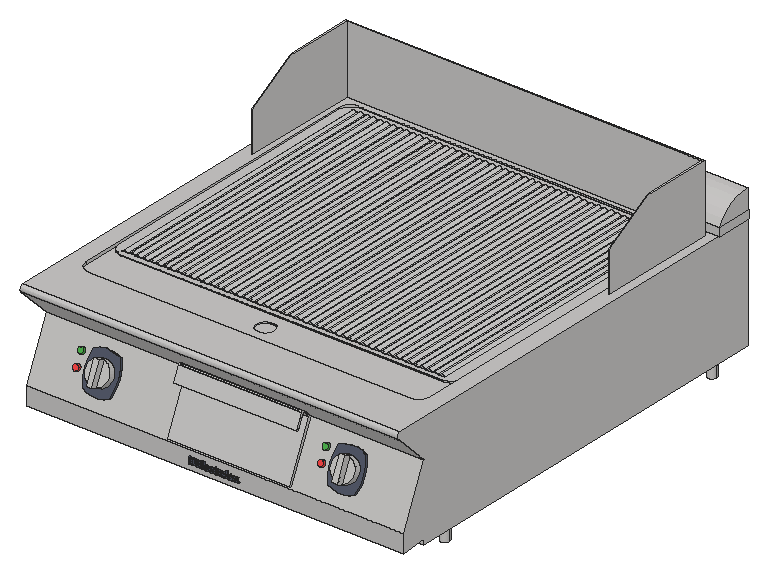
Revit family "QF_ELECTROLUXPROFESSIONAL_391408_E9IILDAOMEA", category Specialty Equipment, Revit 2018
Family settings
  Round Connector Dimension = Use Diameter
  Part Type = Normal
  Work Plane-Based = No
  Always vertical = Yes
  Cut with Voids When Loaded = No
  Shared = No
  Room Calculation Point = No
Parameters
  Weight = 105.00 kg
  Watts = 0 W
  Volts = 0 V
  URL Manufacturer = ""
  URL = ""
  Steam Supply Size = 0"
  Steam Supply Minimum Pressure = 0.00 psi
  Steam Supply Maximum Pressure = 0.00 psi
  Steam Pounds per Hour = 0
  Show Logo [instance] = yes
  Show Clearance [instance] = yes
  Refrigeration Suction Line Size = 0"
  Refrigeration Liquid Line Size = 0"
  Refrigerant Compressor Remote = yes
  Phase = 0
  Model = ""
  Manufacturer = ""
  Length Actual = 800 mm  # constant formula
  Item Number = ""
  Hot Water Size = 0"
  Height Actual = 250 mm  # constant formula
  HP = "20.1 HP"
  Gas Size = 0"
  Gas KW = 0
  Gas Input Pressure = 0.0 Btu/h
  Direct Waste Size = 0"
  Description = ""
  Depth Actual = 930 mm  # constant formula
  Cycle = 0 Hz
  Condensate Return Size = 0"
  Compressed Air Volume = 0 GPM
  Compressed Air Size = 0"
  Compressed Air Pressure = 0.00 psi
  Cold Water Size = 0"
  Accessory = yes
Reference planes
  plane 1 "BACK": y = 0
  plane 2: z = 0
  plane 3 "LEFT": x = 0
  plane 4 "RIGHT": x = 800.1
  plane 5 "FRONT": y = -930
  plane 6 "TOP": z = 900
  plane 7 "Center Y": x = 400.05
  plane 8 "Center X": y = -465
  plane 9: y = -1045
  plane 10: y = -824
  plane 11: y = -738
  plane 12: y = -584
  plane 13: x = 740.1
Forms (mm)
  Extrusion 1, solid, material "QF_Finishes_Clearance", visible <- "Show Clearance", detail levels coarse
    sketch origin (0, 0, 634) x (1, 0, 0) y (0, 1, 0)
      loop
        line (0, -930) -> (0, 0) -> (800.1, 0) -> (800.1, -930) -> (900.1, -930) -> (900.1, 100) -> (-100, 100) -> (-100, -930) -> (0, -930)
    from 0 to 266
  Extrusion 2, solid, material "QF_Finishes_Stainless Steel"
    sketch origin (0, 0, 634) x (0, 1, 0) y (0, 0, 1)
      loop
        line (0, 266) -> (-922.69, 266)
        arc (-922.69, 266) -> (-929.451, 261.483) -> (-927.864, 253.508) r 7.318
        line (-927.864, 253.508) -> (-860.362, 186.005) -> (-913.522, 69.19) -> (-913.522, 31.09) -> (-860.15, 36.7) -> (-860.15, 24) -> (0, 24) -> (0, 266)
    from 0 to 800.1
  Extrusion 3, solid, material "QF_Finishes_Stainless Steel"
    sketch origin (0, 0, 634) x (1, 0, 0) y (0, 1, 0)
      loop
        circle (11.012, -82.038) r 9.525
      loop
        circle (11.012, -790.034) r 9.525
      loop
        circle (789.087, -82.038) r 9.525
      loop
        circle (789.087, -790.034) r 9.525
    from 0 to 24
  Extrusion 4, solid, material "QF_Finishes_Stainless Steel"
    sketch origin (-21.25, -917.233, 702.7) x (0, 0.414207, 0.910183) y (-1, 0, 0)
      loop
        circle (68.826, -160.963) r 25.4
    from 0 to 12.7
  Extrusion 5, solid, material "QF_Finishes_Stainless Steel"
    sketch origin (-21.25, -928.793, 707.961) x (0, 0.414207, 0.910183) y (-1, 0, 0)
      loop
        arc (93.558, -166.749) -> (94.226, -160.963) -> (93.558, -155.177) r 25.4
        line (93.558, -155.177) -> (44.094, -155.177)
        arc (44.094, -155.177) -> (43.426, -160.963) -> (44.094, -166.749) r 25.4
        line (44.094, -166.749) -> (93.558, -166.749)
    from 0 to 12.7
  Extrusion 6, solid, material "QF_Finishes_Red"
    sketch origin (0, -913.522, 703.19) x (0, 0.414207, 0.910183) y (-1, 0, 0)
      loop
        circle (60.004, -87.788) r 6.35
    from 0 to 3.175
  Extrusion 7, solid, material "QF_Finishes_Red"
    sketch origin (0, -913.522, 703.19) x (0, 0.414207, 0.910183) y (-1, 0, 0)
      loop
        circle (60.004, -607.001) r 6.35
    from 0 to 3.175
  Extrusion 8, solid, material "QF_Finishes_Green"
    sketch origin (0, -913.522, 703.19) x (0, 0.414207, 0.910183) y (-1, 0, 0)
      loop
        circle (89.884, -87.788) r 6.35
    from 0 to 3.175
  Extrusion 9, solid, material "QF_Finishes_Green"
    sketch origin (0, -913.522, 703.19) x (0, 0.414207, 0.910183) y (-1, 0, 0)
      loop
        circle (89.884, -607.001) r 6.35
    from 0 to 3.175
  Extrusion 10, solid, material "QF_Finishes_Stainless Steel"
    sketch origin (0, 0, 609.5) x (0, 1, 0) y (0, 0, 1)
      loop
        line (0, 307) -> (-76.2, 307) -> (-76.2, 290.5) -> (0, 290.5) -> (0, 307)
    from 0 to 800.1
  Extrusion 11, solid, material "QF_Finishes_Stainless Steel"
    sketch origin (821.35, -917.233, 702.7) x (0, 0.414207, 0.910183) y (-1, 0, 0)
      loop
        circle (68.826, 160.963) r 25.4
    from 0 to 12.7
  Extrusion 12, solid, material "QF_Finishes_Stainless Steel"
    sketch origin (821.35, -928.793, 707.961) x (0, 0.414207, 0.910183) y (-1, 0, 0)
      loop
        line (93.558, 166.749) -> (44.094, 166.749)
        arc (44.094, 166.749) -> (43.426, 160.963) -> (44.094, 155.177) r 25.4
        line (44.094, 155.177) -> (93.558, 155.177)
        arc (93.558, 155.177) -> (94.226, 160.963) -> (93.558, 166.749) r 25.4
    from 0 to 12.7
  Extrusion 13, solid, material "QF_Finishes_Stainless Steel"
    sketch origin (0, 0, 634) x (0, 1, 0) y (0, 0, 1)
      loop
        line (0, 282.5) -> (0, 325.5)
        arc (0, 325.5) -> (-44.572, 315.47) -> (-76.2, 282.5) r 79.245
        line (-76.2, 282.5) -> (0, 282.5)
    from 0 to 400.05
  Extrusion 14, solid, material "QF_Finishes_Stainless Steel"
    sketch origin (20, 0, 634) x (0, 1, 0) y (0, 0, 1)
      loop
        line (-91.2, 266) -> (-91.2, 410) -> (-233.393, 410)
        arc (-233.393, 410) -> (-237.074, 409.522) -> (-240.512, 408.121) r 14.427
        line (-240.512, 408.121) -> (-339.131, 352.174)
        arc (-339.131, 352.174) -> (-340.645, 350.677) -> (-341.2, 348.622) r 4.084
        line (-341.2, 348.622) -> (-341.2, 266) -> (-91.2, 266)
    from 0 to 3
  Extrusion 15, solid, material "QF_Finishes_Stainless Steel"
    sketch origin (780.1, 0, 634) x (0, 1, 0) y (0, 0, -1)
      loop
        line (-91.2, -266) -> (-341.2, -266) -> (-341.2, -348.622)
        arc (-341.2, -348.622) -> (-340.645, -350.677) -> (-339.131, -352.174) r 4.084
        line (-339.131, -352.174) -> (-240.512, -408.121)
        arc (-240.512, -408.121) -> (-237.074, -409.522) -> (-233.393, -410) r 14.427
        line (-233.393, -410) -> (-91.2, -410) -> (-91.2, -266)
    from 0 to 3
  Extrusion 16, solid, material "QF_Finishes_Stainless Steel"
    sketch origin (0, 0, 908.638) x (-1, 0, 0) y (0, -1, 0)
      loop
        line (-23, 91.2) -> (-23, 94.2) -> (-777.1, 94.2) -> (-777.1, 91.2) -> (-23, 91.2)
    from -8.638 to 135.362
  Extrusion 17, solid, material "QF_Finishes_Stainless Steel"
    sketch origin (399.75, 173.617, 1850.646) x (0, 1, 0) y (0, 0, 1)
      loop
        line (-1033.978, -1030.641) -> (-1050.385, -1014.234)
        arc (-1050.385, -1014.234) -> (-1054.852, -1012.832) -> (-1058.556, -1015.696) r 5.058
        line (-1058.556, -1015.696) -> (-1071.218, -1043.206) -> (-1068.334, -1044.534) -> (-1055.672, -1017.024)
        arc (-1055.672, -1017.024) -> (-1054.293, -1015.957) -> (-1052.63, -1016.479) r 1.883
        line (-1052.63, -1016.479) -> (-1037.787, -1031.322) -> (-1088.621, -1141.767) -> (-1085.737, -1143.095) -> (-1033.978, -1030.641)
    from 160.331 to -99.669
  Extrusion 18, solid, material "QF_Finishes_Drawer Clearance", visible <- "Show Clearance", detail levels coarse
    sketch origin (293.4, -103.381, 631.446) x (0, 1, 0) y (0, 0, 1)
      loop
        line (-776.073, 206.368) -> (-907.851, 206.368)
        arc (-907.851, 206.368) -> (-910.054, 205.39) -> (-911.555, 203.504) r 5.058
        line (-911.555, 203.504) -> (-924.217, 175.994) -> (-921.332, 174.666) -> (-908.671, 202.176)
        arc (-908.671, 202.176) -> (-907.291, 203.243) -> (-905.628, 202.721) r 1.883
        line (-905.628, 202.721) -> (-890.786, 187.878) -> (-941.619, 77.433) -> (-938.735, 76.105) -> (-808.739, 76.105) -> (-756.981, 188.559) -> (-773.388, 204.966)
        arc (-773.388, 204.966) -> (-774.623, 205.873) -> (-776.073, 206.368) r 5.058
    from 6.681 to 266.681
  Extrusion 19, void
    sketch origin (0, 0, 900) x (1, 0, 0) y (0, -1, 0)
      loop
        circle (400.05, 779.975) r 18.9
    from 0 to 6
  Extrusion 20, solid, material "QF_Finishes_Navy Blue"
    sketch origin (0, -913.522, 704.59) x (0, 0.418137, 0.908384) y (-1, 0, 0)
      loop
        arc (100.548, -111.195) -> (65.254, -103.821) -> (29.891, -110.852) r 90.252
        arc (29.891, -110.852) -> (23.059, -139.635) -> (29.652, -168.474) r 65.19
        arc (29.652, -168.474) -> (65.166, -175.722) -> (100.621, -168.194) r 88.914
        arc (100.621, -168.194) -> (107.168, -139.686) -> (100.548, -111.195) r 64.978
    from -0.279 to 3.175
  Extrusion 21, solid, material "QF_Finishes_Navy Blue"
    sketch origin (800.1, -913.522, 704.59) x (0, 0.418137, 0.908384) y (-1, 0, 0)
      loop
        arc (100.548, 111.2) -> (107.167, 139.689) -> (100.621, 168.194) r 64.977
        arc (100.621, 168.194) -> (65.165, 175.601) -> (29.652, 168.469) r 90.248
        arc (29.652, 168.469) -> (23.06, 139.633) -> (29.891, 110.852) r 65.189
        arc (29.891, 110.852) -> (65.255, 103.729) -> (100.548, 111.2) r 89.179
    from -0.279 to 3.2
  Extrusion 22, solid, material "QF_Finishes_Navy Blue", visible <- "Show Logo"
    sketch origin (58.349, -913.522, 669.665) x (0, 0, 1) y (-1, 0, 0)
      loop
        line (20.674, -296.698) -> (8.307, -296.698)
        arc (8.307, -296.698) -> (14.491, -301.27) -> (20.674, -296.698) r 6.467
      loop
        arc (20.674, -296.069) -> (19.505, -290.926) -> (14.849, -288.448) r 6.338
        line (14.849, -288.448) -> (14.849, -290.494)
        arc (14.849, -290.494) -> (16.333, -294.149) -> (19.778, -296.069) r 5.941
        line (19.778, -296.069) -> (20.674, -296.069)
      loop
        arc (9.203, -296.069) -> (12.648, -294.149) -> (14.132, -290.494) r 5.941
        line (14.132, -290.494) -> (14.132, -288.448)
        arc (14.132, -288.448) -> (9.438, -290.922) -> (8.148, -296.069) r 6.504
        line (8.148, -296.069) -> (9.203, -296.069)
      loop
        line (21.349, -287.979) -> (7.604, -287.979) -> (7.604, -301.742) -> (21.349, -301.742) -> (21.349, -287.979)
      loop
        arc (21.432, -304.71) -> (21.085, -304.352) -> (20.718, -304.69) r 0.358
        arc (20.718, -304.69) -> (20.404, -305.44) -> (19.687, -305.825) r 1.216
        line (19.687, -305.825) -> (9.274, -305.825)
        arc (9.274, -305.825) -> (8.614, -305.548) -> (8.218, -304.951) r 1.238
        arc (8.218, -304.951) -> (7.823, -304.7) -> (7.518, -305.054) r 0.358
        line (7.518, -305.054) -> (7.518, -314.933) -> (10.269, -314.933) -> (10.269, -314.036)
        arc (10.269, -314.036) -> (9.36, -313.456) -> (8.904, -312.479) r 1.928
        line (8.904, -312.479) -> (8.904, -309.98)
        arc (8.904, -309.98) -> (9.18, -309.251) -> (9.868, -308.887) r 1.101
        line (9.868, -308.887) -> (13.955, -308.887) -> (13.955, -312.561)
        arc (13.955, -312.561) -> (13.602, -313.058) -> (13.037, -313.286) r 1.083
        arc (13.037, -313.286) -> (12.773, -313.591) -> (13.065, -313.869) r 0.292
        line (13.065, -313.869) -> (16.028, -313.869)
        arc (16.028, -313.869) -> (16.33, -313.596) -> (16.092, -313.266) r 0.305
        arc (16.092, -313.266) -> (15.601, -313.018) -> (15.296, -312.561) r 1.083
        line (15.296, -312.561) -> (15.296, -308.887) -> (19.973, -308.887) -> (19.973, -312.635)
        arc (19.973, -312.635) -> (19.759, -313.39) -> (19.153, -313.888) r 1.314
        arc (19.153, -313.888) -> (18.934, -314.292) -> (19.288, -314.585) r 0.361
        line (19.288, -314.585) -> (21.432, -314.585) -> (21.432, -304.71)
      loop
        arc (20.715, -315.365) -> (20.335, -316.284) -> (19.416, -316.664) r 1.299
        line (19.416, -316.664) -> (9.837, -316.664)
        arc (9.837, -316.664) -> (8.999, -316.286) -> (8.728, -315.408) r 1.118
        line (8.728, -315.408) -> (7.518, -315.408) -> (7.518, -320.758) -> (8.706, -320.758)
        arc (8.706, -320.758) -> (8.978, -319.841) -> (9.848, -319.445) r 1.153
        line (9.848, -319.445) -> (21.92, -319.445) -> (20.715, -315.365)
      loop
        line (12.483, -323.394) -> (12.483, -329.842) -> (13.282, -329.842)
        arc (13.282, -329.842) -> (15.862, -328.857) -> (17.131, -326.404) r 3.874
        line (17.131, -326.404) -> (17.131, -324.643)
        arc (17.131, -324.643) -> (15.944, -321.778) -> (13.08, -320.592) r 4.051
        line (13.08, -320.592) -> (11.072, -320.592)
        arc (11.072, -320.592) -> (8.253, -322.077) -> (7.202, -325.084) r 4.352
        arc (7.202, -325.084) -> (7.566, -327.547) -> (8.943, -329.621) r 5.713
        line (8.943, -329.621) -> (9.892, -329.621)
        arc (9.892, -329.621) -> (9.16, -328.052) -> (8.943, -326.334) r 5.579
        arc (8.943, -326.334) -> (9.737, -324.371) -> (11.616, -323.394) r 3.057
        line (11.616, -323.394) -> (12.483, -323.394)
      loop
        line (13.742, -323.394) -> (13.742, -326.977)
        arc (13.742, -326.977) -> (15.199, -327.024) -> (16.082, -325.864) r 1.59
        line (16.082, -325.864) -> (16.082, -325.034)
        arc (16.082, -325.034) -> (15.217, -323.779) -> (13.742, -323.394) r 2.184
      loop
        arc (16.533, -339.259) -> (17.022, -337.585) -> (17.179, -335.848) r 9.023
        line (17.179, -335.848) -> (17.179, -334.486)
        arc (17.179, -334.486) -> (16.02, -331.686) -> (13.22, -330.527) r 3.959
        line (13.22, -330.527) -> (10.62, -330.527)
        arc (10.62, -330.527) -> (8.338, -331.819) -> (7.221, -334.192) r 4.331
        line (7.221, -334.192) -> (7.221, -336.327)
        arc (7.221, -336.327) -> (7.729, -337.877) -> (8.651, -339.223) r 5.772
        arc (8.651, -339.223) -> (9.412, -339.274) -> (9.499, -338.515) r 0.553
        arc (9.499, -338.515) -> (9.111, -337.781) -> (8.977, -336.962) r 2.573
        line (8.977, -336.962) -> (8.977, -335.447)
        arc (8.977, -335.447) -> (9.983, -333.806) -> (11.798, -333.163) r 2.884
        line (11.798, -333.163) -> (13.077, -333.163)
        arc (13.077, -333.163) -> (14.898, -333.723) -> (15.824, -335.388) r 2.554
        line (15.824, -335.388) -> (15.824, -336.441)
        arc (15.824, -336.441) -> (15.493, -337.369) -> (14.836, -338.104) r 2.564
        arc (14.836, -338.104) -> (14.614, -338.821) -> (15.223, -339.259) r 0.643
        line (15.223, -339.259) -> (16.533, -339.259)
      loop
        line (15.515, -339.53) -> (15.515, -341.031) -> (9.467, -341.031)
        arc (9.467, -341.031) -> (7.879, -341.688) -> (7.221, -343.276) r 2.246
        line (7.221, -343.276) -> (7.221, -344.86)
        arc (7.221, -344.86) -> (7.535, -345.725) -> (8.035, -346.496) r 4.06
        arc (8.035, -346.496) -> (8.768, -346.629) -> (9.019, -345.928) r 0.576
        arc (9.019, -345.928) -> (8.913, -345.403) -> (8.977, -344.87) r 1.69
        arc (8.977, -344.87) -> (9.519, -344.082) -> (10.425, -343.779) r 1.506
        line (10.425, -343.779) -> (15.563, -343.779) -> (15.563, -346.176) -> (16.119, -346.733) -> (16.941, -346.733) -> (16.941, -343.873) -> (20.172, -343.873) -> (15.515, -339.53)
      loop
        line (7.438, -347.63) -> (7.438, -353.017) -> (8.548, -353.017)
        arc (8.548, -353.017) -> (8.942, -352.066) -> (9.893, -351.672) r 1.345
        line (9.893, -351.672) -> (13.509, -351.672)
        arc (13.509, -351.672) -> (14.274, -352.264) -> (14.564, -353.186) r 1.615
        line (14.564, -353.186) -> (14.564, -354.742) -> (17.119, -355.427) -> (17.119, -354.044) -> (15.177, -351.485) -> (17.057, -351.485) -> (16.773, -348.779)
        arc (16.773, -348.779) -> (16.333, -348.249) -> (15.674, -348.45) r 0.621
        arc (15.674, -348.45) -> (15.274, -348.792) -> (14.78, -348.975) r 1.501
        line (14.78, -348.975) -> (9.893, -348.975)
        arc (9.893, -348.975) -> (8.942, -348.581) -> (8.548, -347.63) r 1.345
        line (8.548, -347.63) -> (7.438, -347.63)
      loop
        line (13.54, -354.964) -> (10.848, -354.964)
        arc (10.848, -354.964) -> (8.403, -356.272) -> (7.269, -358.803) r 4.288
        arc (7.269, -358.803) -> (7.205, -360.183) -> (7.269, -361.563) r 15.022
        arc (7.269, -361.563) -> (8.403, -364.094) -> (10.848, -365.401) r 4.288
        line (10.848, -365.401) -> (13.54, -365.401)
        arc (13.54, -365.401) -> (15.986, -364.094) -> (17.119, -361.563) r 4.288
        arc (17.119, -361.563) -> (17.183, -360.183) -> (17.119, -358.803) r 15.022
        arc (17.119, -358.803) -> (15.986, -356.272) -> (13.54, -354.964) r 4.288
      loop
        line (13.745, -358.078) -> (10.643, -358.078)
        arc (10.643, -358.078) -> (8.486, -360.235) -> (10.643, -362.392) r 2.157
        line (10.643, -362.392) -> (13.745, -362.392)
        arc (13.745, -362.392) -> (15.902, -360.235) -> (13.745, -358.078) r 2.157
      loop
        arc (20.726, -365.26) -> (20.355, -366.154) -> (19.461, -366.524) r 1.264
        line (19.461, -366.524) -> (9.597, -366.524)
        arc (9.597, -366.524) -> (8.727, -366.127) -> (8.455, -365.211) r 1.153
        line (8.455, -365.211) -> (7.518, -365.211) -> (7.518, -370.319) -> (8.446, -370.319)
        arc (8.446, -370.319) -> (8.805, -369.547) -> (9.597, -369.232) r 1.153
        line (9.597, -369.232) -> (21.92, -369.232) -> (20.726, -365.26)
      loop
        arc (15.846, -369.857) -> (15.647, -370.921) -> (14.678, -371.403) r 1.215
        line (14.678, -371.403) -> (9.658, -371.403)
        arc (9.658, -371.403) -> (8.043, -372.051) -> (7.322, -373.634) r 2.338
        line (7.322, -373.634) -> (7.322, -375.148)
        arc (7.322, -375.148) -> (7.497, -376.152) -> (7.999, -377.038) r 2.979
        line (7.999, -377.038) -> (7.518, -378.835) -> (7.518, -380.524) -> (16.943, -380.524) -> (16.649, -376.32) -> (15.863, -376.32)
        arc (15.863, -376.32) -> (15.507, -377.156) -> (14.755, -377.665) r 1.605
        line (14.755, -377.665) -> (9.652, -377.665)
        arc (9.652, -377.665) -> (9.232, -376.728) -> (9.159, -375.704) r 2.94
        arc (9.159, -375.704) -> (9.72, -374.603) -> (10.873, -374.16) r 1.724
        line (10.873, -374.16) -> (17.07, -374.16) -> (15.846, -369.857)
      loop
        line (16.874, -381.377) -> (15.202, -383.423) -> (12.028, -385.729) -> (8.572, -382.617)
        arc (8.572, -382.617) -> (8.335, -382.223) -> (8.357, -381.764) r 0.789
        line (8.357, -381.764) -> (7.518, -381.764) -> (7.518, -385.309) -> (8.344, -385.309)
        arc (8.344, -385.309) -> (8.686, -384.947) -> (9.176, -385.039) r 0.52
        line (9.176, -385.039) -> (10.976, -386.51) -> (8.858, -387.886)
        arc (8.858, -387.886) -> (8.457, -387.576) -> (8.37, -387.076) r 0.7
        line (8.37, -387.076) -> (7.518, -387.076) -> (7.518, -393.003) -> (8.405, -393.003)
        arc (8.405, -393.003) -> (8.472, -392.344) -> (8.866, -391.813) r 1.247
        line (8.866, -391.813) -> (13.066, -388.532) -> (15.513, -390.585) -> (16.874, -392.327) -> (16.874, -388.604) -> (15.389, -389.026) -> (13.868, -387.749) -> (15.568, -386.559) -> (16.874, -387.336) -> (16.874, -381.377)
    from 0 to 1.644
  Extrusion 23, solid, material "QF_Finishes_Stainless Steel"
    sketch origin (0, -713.772, 666.49) x (0, 0, 1) y (-1, 0, 0)
      loop
        line (230.31, -515.075) -> (230.31, -527.075) -> (233.51, -521.075) -> (230.31, -515.075)
    from -595.265 to 12.7
  Extrusion 24, solid, material "QF_Finishes_Stainless Steel"
    sketch origin (14, -713.772, 666.49) x (0, 0, 1) y (-1, 0, 0)
      loop
        line (230.31, -515.075) -> (230.31, -527.075) -> (233.51, -521.075) -> (230.31, -515.075)
    from -595.265 to 12.7
  Extrusion 25, solid, material "QF_Finishes_Stainless Steel"
    sketch origin (28, -713.772, 666.49) x (0, 0, 1) y (-1, 0, 0)
      loop
        line (230.31, -515.075) -> (230.31, -527.075) -> (233.51, -521.075) -> (230.31, -515.075)
    from -595.265 to 12.7
  Extrusion 26, solid, material "QF_Finishes_Stainless Steel"
    sketch origin (42, -713.772, 666.49) x (0, 0, 1) y (-1, 0, 0)
      loop
        line (230.31, -515.075) -> (230.31, -527.075) -> (233.51, -521.075) -> (230.31, -515.075)
    from -595.265 to 12.7
  Extrusion 27, solid, material "QF_Finishes_Stainless Steel"
    sketch origin (56, -713.772, 666.49) x (0, 0, 1) y (-1, 0, 0)
      loop
        line (230.31, -515.075) -> (230.31, -527.075) -> (233.51, -521.075) -> (230.31, -515.075)
    from -595.265 to 12.7
  Extrusion 28, solid, material "QF_Finishes_Stainless Steel"
    sketch origin (70, -713.772, 666.49) x (0, 0, 1) y (-1, 0, 0)
      loop
        line (230.31, -515.075) -> (230.31, -527.075) -> (233.51, -521.075) -> (230.31, -515.075)
    from -595.265 to 12.7
  Extrusion 29, solid, material "QF_Finishes_Stainless Steel"
    sketch origin (84, -713.772, 666.49) x (0, 0, 1) y (-1, 0, 0)
      loop
        line (230.31, -515.075) -> (230.31, -527.075) -> (233.51, -521.075) -> (230.31, -515.075)
    from -595.265 to 12.7
  Extrusion 30, solid, material "QF_Finishes_Stainless Steel"
    sketch origin (98, -713.772, 666.49) x (0, 0, 1) y (-1, 0, 0)
      loop
        line (230.31, -515.075) -> (230.31, -527.075) -> (233.51, -521.075) -> (230.31, -515.075)
    from -595.265 to 12.7
  Extrusion 31, solid, material "QF_Finishes_Stainless Steel"
    sketch origin (112, -713.772, 666.49) x (0, 0, 1) y (-1, 0, 0)
      loop
        line (230.31, -515.075) -> (230.31, -527.075) -> (233.51, -521.075) -> (230.31, -515.075)
    from -595.265 to 12.7
  Extrusion 32, solid, material "QF_Finishes_Stainless Steel"
    sketch origin (126, -713.772, 666.49) x (0, 0, 1) y (-1, 0, 0)
      loop
        line (230.31, -515.075) -> (230.31, -527.075) -> (233.51, -521.075) -> (230.31, -515.075)
    from -595.265 to 12.7
  Extrusion 33, solid, material "QF_Finishes_Stainless Steel"
    sketch origin (140, -713.772, 666.49) x (0, 0, 1) y (-1, 0, 0)
      loop
        line (230.31, -515.075) -> (230.31, -527.075) -> (233.51, -521.075) -> (230.31, -515.075)
    from -595.265 to 12.7
  Extrusion 34, solid, material "QF_Finishes_Stainless Steel"
    sketch origin (154, -713.772, 666.49) x (0, 0, 1) y (-1, 0, 0)
      loop
        line (230.31, -515.075) -> (230.31, -527.075) -> (233.51, -521.075) -> (230.31, -515.075)
    from -595.265 to 12.7
  Extrusion 35, solid, material "QF_Finishes_Stainless Steel"
    sketch origin (168, -713.772, 666.49) x (0, 0, 1) y (-1, 0, 0)
      loop
        line (230.31, -515.075) -> (230.31, -527.075) -> (233.51, -521.075) -> (230.31, -515.075)
    from -595.265 to 12.7
  Extrusion 36, solid, material "QF_Finishes_Stainless Steel"
    sketch origin (182, -713.772, 666.49) x (0, 0, 1) y (-1, 0, 0)
      loop
        line (230.31, -515.075) -> (230.31, -527.075) -> (233.51, -521.075) -> (230.31, -515.075)
    from -595.265 to 12.7
  Extrusion 37, solid, material "QF_Finishes_Stainless Steel"
    sketch origin (196, -713.772, 666.49) x (0, 0, 1) y (-1, 0, 0)
      loop
        line (230.31, -515.075) -> (230.31, -527.075) -> (233.51, -521.075) -> (230.31, -515.075)
    from -595.265 to 12.7
  Extrusion 38, solid, material "QF_Finishes_Stainless Steel"
    sketch origin (210, -713.772, 666.49) x (0, 0, 1) y (-1, 0, 0)
      loop
        line (230.31, -515.075) -> (230.31, -527.075) -> (233.51, -521.075) -> (230.31, -515.075)
    from -595.265 to 12.7
  Extrusion 39, void
    sketch origin (0, 0, 900) x (1, 0, 0) y (0, -1, 0)
      loop
        line (35.025, 799) -> (35.025, 712.6)
        arc (35.025, 712.6) -> (42.464, 730.561) -> (60.425, 738) r 25.4
        line (60.425, 738) -> (739.675, 738)
        arc (739.675, 738) -> (757.636, 730.561) -> (765.075, 712.6) r 25.4
        line (765.075, 712.6) -> (765.075, 799)
        arc (765.075, 799) -> (757.753, 816.678) -> (740.075, 824) r 25
        line (740.075, 824) -> (60.025, 824)
        arc (60.025, 824) -> (42.347, 816.678) -> (35.025, 799) r 25
    from 0 to 5
  Extrusion 40, solid, material "QF_Finishes_Stainless Steel"
    sketch origin (0, 0, 914) x (0, -1, 0) y (1, 0, 0)
      loop
        circle (584, 740.1) r 10
    from -266 to -256
  Extrusion 41, solid, material "QF_Finishes_Stainless Steel"
    sketch origin (800.1, 0, 634) x (0, 1, 0) y (0, 0, -1)
      loop
        line (0, -282.5) -> (-76.2, -282.5)
        arc (-76.2, -282.5) -> (-44.572, -315.47) -> (0, -325.5) r 79.245
        line (0, -325.5) -> (0, -282.5)
    from 0 to 400.05
  Extrusion 42, solid, material "QF_Finishes_Stainless Steel"
    sketch origin (-224, -713.772, 666.49) x (0, 0, 1) y (-1, 0, 0)
      loop
        line (230.31, -515.075) -> (230.31, -527.075) -> (233.51, -521.075) -> (230.31, -515.075)
    from -595.265 to 12.7
  Extrusion 43, solid, material "QF_Finishes_Stainless Steel"
    sketch origin (-210, -713.772, 666.49) x (0, 0, 1) y (-1, 0, 0)
      loop
        line (230.31, -515.075) -> (230.31, -527.075) -> (233.51, -521.075) -> (230.31, -515.075)
    from -595.265 to 12.7
  Extrusion 44, solid, material "QF_Finishes_Stainless Steel"
    sketch origin (-196, -713.772, 666.49) x (0, 0, 1) y (-1, 0, 0)
      loop
        line (230.31, -515.075) -> (230.31, -527.075) -> (233.51, -521.075) -> (230.31, -515.075)
    from -595.265 to 12.7
  Extrusion 45, solid, material "QF_Finishes_Stainless Steel"
    sketch origin (-182, -713.772, 666.49) x (0, 0, 1) y (-1, 0, 0)
      loop
        line (230.31, -515.075) -> (230.31, -527.075) -> (233.51, -521.075) -> (230.31, -515.075)
    from -595.265 to 12.7
  Extrusion 46, solid, material "QF_Finishes_Stainless Steel"
    sketch origin (-168, -713.772, 666.49) x (0, 0, 1) y (-1, 0, 0)
      loop
        line (230.31, -515.075) -> (230.31, -527.075) -> (233.51, -521.075) -> (230.31, -515.075)
    from -595.265 to 12.7
  Extrusion 47, solid, material "QF_Finishes_Stainless Steel"
    sketch origin (-154, -713.772, 666.49) x (0, 0, 1) y (-1, 0, 0)
      loop
        line (230.31, -515.075) -> (230.31, -527.075) -> (233.51, -521.075) -> (230.31, -515.075)
    from -595.265 to 12.7
  Extrusion 48, solid, material "QF_Finishes_Stainless Steel"
    sketch origin (-140, -713.772, 666.49) x (0, 0, 1) y (-1, 0, 0)
      loop
        line (230.31, -515.075) -> (230.31, -527.075) -> (233.51, -521.075) -> (230.31, -515.075)
    from -595.265 to 12.7
  Extrusion 49, solid, material "QF_Finishes_Stainless Steel"
    sketch origin (-126, -713.772, 666.49) x (0, 0, 1) y (-1, 0, 0)
      loop
        line (230.31, -515.075) -> (230.31, -527.075) -> (233.51, -521.075) -> (230.31, -515.075)
    from -595.265 to 12.7
  Extrusion 50, solid, material "QF_Finishes_Stainless Steel"
    sketch origin (-112, -713.772, 666.49) x (0, 0, 1) y (-1, 0, 0)
      loop
        line (230.31, -515.075) -> (230.31, -527.075) -> (233.51, -521.075) -> (230.31, -515.075)
    from -595.265 to 12.7
  Extrusion 51, solid, material "QF_Finishes_Stainless Steel"
    sketch origin (-98, -713.772, 666.49) x (0, 0, 1) y (-1, 0, 0)
      loop
        line (230.31, -515.075) -> (230.31, -527.075) -> (233.51, -521.075) -> (230.31, -515.075)
    from -595.265 to 12.7
  Extrusion 52, solid, material "QF_Finishes_Stainless Steel"
    sketch origin (-84, -713.772, 666.49) x (0, 0, 1) y (-1, 0, 0)
      loop
        line (230.31, -515.075) -> (230.31, -527.075) -> (233.51, -521.075) -> (230.31, -515.075)
    from -595.265 to 12.7
  Extrusion 53, solid, material "QF_Finishes_Stainless Steel"
    sketch origin (-70, -713.772, 666.49) x (0, 0, 1) y (-1, 0, 0)
      loop
        line (230.31, -515.075) -> (230.31, -527.075) -> (233.51, -521.075) -> (230.31, -515.075)
    from -595.265 to 12.7
  Extrusion 54, solid, material "QF_Finishes_Stainless Steel"
    sketch origin (-56, -713.772, 666.49) x (0, 0, 1) y (-1, 0, 0)
      loop
        line (230.31, -515.075) -> (230.31, -527.075) -> (233.51, -521.075) -> (230.31, -515.075)
    from -595.265 to 12.7
  Extrusion 55, solid, material "QF_Finishes_Stainless Steel"
    sketch origin (-42, -713.772, 666.49) x (0, 0, 1) y (-1, 0, 0)
      loop
        line (230.31, -515.075) -> (230.31, -527.075) -> (233.51, -521.075) -> (230.31, -515.075)
    from -595.265 to 12.7
  Extrusion 56, solid, material "QF_Finishes_Stainless Steel"
    sketch origin (-28, -713.772, 666.49) x (0, 0, 1) y (-1, 0, 0)
      loop
        line (230.31, -515.075) -> (230.31, -527.075) -> (233.51, -521.075) -> (230.31, -515.075)
    from -595.265 to 12.7
  Extrusion 57, solid, material "QF_Finishes_Stainless Steel"
    sketch origin (-14, -713.772, 666.49) x (0, 0, 1) y (-1, 0, 0)
      loop
        line (230.31, -515.075) -> (230.31, -527.075) -> (233.51, -521.075) -> (230.31, -515.075)
    from -595.265 to 12.7
  Extrusion 58, solid, material "QF_Finishes_Stainless Steel"
    sketch origin (-448, -713.772, 666.49) x (0, 0, 1) y (-1, 0, 0)
      loop
        line (230.31, -515.075) -> (230.31, -527.075) -> (233.51, -521.075) -> (230.31, -515.075)
    from -595.265 to 12.7
  Extrusion 59, solid, material "QF_Finishes_Stainless Steel"
    sketch origin (-434, -713.772, 666.49) x (0, 0, 1) y (-1, 0, 0)
      loop
        line (230.31, -515.075) -> (230.31, -527.075) -> (233.51, -521.075) -> (230.31, -515.075)
    from -595.265 to 12.7
  Extrusion 60, solid, material "QF_Finishes_Stainless Steel"
    sketch origin (-420, -713.772, 666.49) x (0, 0, 1) y (-1, 0, 0)
      loop
        line (230.31, -515.075) -> (230.31, -527.075) -> (233.51, -521.075) -> (230.31, -515.075)
    from -595.265 to 12.7
  Extrusion 61, solid, material "QF_Finishes_Stainless Steel"
    sketch origin (-406, -713.772, 666.49) x (0, 0, 1) y (-1, 0, 0)
      loop
        line (230.31, -515.075) -> (230.31, -527.075) -> (233.51, -521.075) -> (230.31, -515.075)
    from -595.265 to 12.7
  Extrusion 62, solid, material "QF_Finishes_Stainless Steel"
    sketch origin (-392, -713.772, 666.49) x (0, 0, 1) y (-1, 0, 0)
      loop
        line (230.31, -515.075) -> (230.31, -527.075) -> (233.51, -521.075) -> (230.31, -515.075)
    from -595.265 to 12.7
  Extrusion 63, solid, material "QF_Finishes_Stainless Steel"
    sketch origin (-378, -713.772, 666.49) x (0, 0, 1) y (-1, 0, 0)
      loop
        line (230.31, -515.075) -> (230.31, -527.075) -> (233.51, -521.075) -> (230.31, -515.075)
    from -595.265 to 12.7
  Extrusion 64, solid, material "QF_Finishes_Stainless Steel"
    sketch origin (-364, -713.772, 666.49) x (0, 0, 1) y (-1, 0, 0)
      loop
        line (230.31, -515.075) -> (230.31, -527.075) -> (233.51, -521.075) -> (230.31, -515.075)
    from -595.265 to 12.7
  Extrusion 65, solid, material "QF_Finishes_Stainless Steel"
    sketch origin (-350, -713.772, 666.49) x (0, 0, 1) y (-1, 0, 0)
      loop
        line (230.31, -515.075) -> (230.31, -527.075) -> (233.51, -521.075) -> (230.31, -515.075)
    from -595.265 to 12.7
  Extrusion 66, solid, material "QF_Finishes_Stainless Steel"
    sketch origin (-336, -713.772, 666.49) x (0, 0, 1) y (-1, 0, 0)
      loop
        line (230.31, -515.075) -> (230.31, -527.075) -> (233.51, -521.075) -> (230.31, -515.075)
    from -595.265 to 12.7
  Extrusion 67, solid, material "QF_Finishes_Stainless Steel"
    sketch origin (-322, -713.772, 666.49) x (0, 0, 1) y (-1, 0, 0)
      loop
        line (230.31, -515.075) -> (230.31, -527.075) -> (233.51, -521.075) -> (230.31, -515.075)
    from -595.265 to 12.7
  Extrusion 68, solid, material "QF_Finishes_Stainless Steel"
    sketch origin (-308, -713.772, 666.49) x (0, 0, 1) y (-1, 0, 0)
      loop
        line (230.31, -515.075) -> (230.31, -527.075) -> (233.51, -521.075) -> (230.31, -515.075)
    from -595.265 to 12.7
  Extrusion 69, solid, material "QF_Finishes_Stainless Steel"
    sketch origin (-294, -713.772, 666.49) x (0, 0, 1) y (-1, 0, 0)
      loop
        line (230.31, -515.075) -> (230.31, -527.075) -> (233.51, -521.075) -> (230.31, -515.075)
    from -595.265 to 12.7
  Extrusion 70, solid, material "QF_Finishes_Stainless Steel"
    sketch origin (-280, -713.772, 666.49) x (0, 0, 1) y (-1, 0, 0)
      loop
        line (230.31, -515.075) -> (230.31, -527.075) -> (233.51, -521.075) -> (230.31, -515.075)
    from -595.265 to 12.7
  Extrusion 71, solid, material "QF_Finishes_Stainless Steel"
    sketch origin (-266, -713.772, 666.49) x (0, 0, 1) y (-1, 0, 0)
      loop
        line (230.31, -515.075) -> (230.31, -527.075) -> (233.51, -521.075) -> (230.31, -515.075)
    from -595.265 to 12.7
  Extrusion 72, solid, material "QF_Finishes_Stainless Steel"
    sketch origin (-252, -713.772, 666.49) x (0, 0, 1) y (-1, 0, 0)
      loop
        line (230.31, -515.075) -> (230.31, -527.075) -> (233.51, -521.075) -> (230.31, -515.075)
    from -595.265 to 12.7
  Extrusion 73, solid, material "QF_Finishes_Stainless Steel"
    sketch origin (-238, -713.772, 666.49) x (0, 0, 1) y (-1, 0, 0)
      loop
        line (230.31, -515.075) -> (230.31, -527.075) -> (233.51, -521.075) -> (230.31, -515.075)
    from -595.265 to 12.7
  Extrusion 74, solid, material "QF_Finishes_Stainless Steel"
    sketch origin (-462, -713.772, 666.49) x (0, 0, 1) y (-1, 0, 0)
      loop
        line (230.31, -515.075) -> (230.31, -527.075) -> (233.51, -521.075) -> (230.31, -515.075)
    from -595.265 to 12.7
  Extrusion 75, void
    sketch origin (0, 0, 266) x (0, -1, 0) y (1, 0, 0)
      loop
        arc (738, 739.675) -> (730.561, 757.636) -> (712.6, 765.075) r 25.4
        line (712.6, 765.075) -> (130.429, 765.075)
        arc (130.429, 765.075) -> (112.367, 757.593) -> (104.885, 739.531) r 25.544
        line (104.885, 739.531) -> (104.885, 60.201)
        arc (104.885, 60.201) -> (112.259, 42.399) -> (130.061, 35.025) r 25.176
        line (130.061, 35.025) -> (712.6, 35.025)
        arc (712.6, 35.025) -> (730.561, 42.464) -> (738, 60.425) r 25.4
        line (738, 60.425) -> (738, 739.675)
    from 630.8 to 634
Cuts and joins
  Extrusion 19, Extrusion 39, Extrusion 75 cuts Extrusion 2
Lines and regions (mm)
  symbolic lines, style "QF-Clearances", visible <- "Show Clearance", detail levels coarse
    curve 1: line (-100, 100, 274.638) -> (-100, -930, 274.638)
    curve 2: line (900.1, 100, 274.638) -> (-100, 100, 274.638)
    curve 3: line (900.1, -930, 274.638) -> (900.1, 100, 274.638)
  symbolic lines
    curve 4: line (0, 0, 274.638) -> (800.1, 0, 274.638)
    curve 5: line (0, -930, 274.638) -> (0, 0, 274.638)
    curve 6: line (800.1, 0, 274.638) -> (800.1, -930, 274.638)
    curve 7: arc (35.025, -712.6, 274.638) -> (42.464, -730.561, 274.638) -> (60.425, -738, 274.638) r 25.4
    curve 8: line (0, -76.2, 274.638) -> (800.1, -76.2, 274.638)
    curve 9: line (800.1, -930, 274.638) -> (0, -930, 274.638)
    curve 10: arc (60.201, -104.885, 274.638) -> (42.399, -112.259, 274.638) -> (35.025, -130.061, 274.638) r 25.176
    curve 11: arc (739.531, -104.885, 274.638) -> (757.593, -112.367, 274.638) -> (765.075, -130.429, 274.638) r 25.544
    curve 12: line (60.425, -738, 274.638) -> (739.315, -738, 274.638)
    curve 16: line (35.025, -130.061, 274.638) -> (35.025, -799, 274.638)
    curve 17: line (60.201, -104.885, 274.638) -> (739.531, -104.885, 274.638)
    curve 18: line (765.075, -130.429, 274.638) -> (765.075, -799, 274.638)
    curve 19: arc (60.025, -824, 266) -> (42.347, -816.678, 266) -> (35.025, -799, 266) r 25
    curve 20: line (60.025, -824, 266) -> (740.075, -824, 266)
    curve 21: arc (765.075, -799, 266) -> (757.753, -816.678, 266) -> (740.075, -824, 266) r 25
    curve 22: arc (739.675, -738, 266) -> (757.636, -730.561, 266) -> (765.075, -712.6, 266) r 25.4
    curve 23: arc (381.15, -779.975, 266) -> (400.05, -761.075, 266) -> (418.95, -779.975, 266) r 18.9
    curve 24: arc (418.95, -779.975, 266) -> (400.05, -798.875, 266) -> (381.15, -779.975, 266) r 18.9
    curve 25: line (515.075, -726.472, 266) -> (515.075, -118.507, 266)
    curve 26: line (515.075, -118.507, 266) -> (527.075, -118.507, 266)
    curve 27: line (527.075, -118.507, 266) -> (527.075, -726.472, 266)
    curve 28: line (527.075, -726.472, 266) -> (515.075, -726.472, 266)
    curve 29: line (521.075, -118.507, 266) -> (521.075, -726.472, 266)
    curve 30: line (529.075, -726.472, 266) -> (529.075, -118.507, 266)
    curve 31: line (529.075, -118.507, 266) -> (541.075, -118.507, 266)
    curve 32: line (541.075, -118.507, 266) -> (541.075, -726.472, 266)
    curve 33: line (541.075, -726.472, 266) -> (529.075, -726.472, 266)
    curve 34: line (535.075, -118.507, 266) -> (535.075, -726.472, 266)
    curve 35: line (543.075, -726.472, 266) -> (543.075, -118.507, 266)
    curve 36: line (543.075, -118.507, 266) -> (555.075, -118.507, 266)
    curve 37: line (555.075, -118.507, 266) -> (555.075, -726.472, 266)
    curve 38: line (555.075, -726.472, 266) -> (543.075, -726.472, 266)
    curve 39: line (549.075, -118.507, 266) -> (549.075, -726.472, 266)
    curve 40: line (557.075, -726.472, 266) -> (557.075, -118.507, 266)
    curve 41: line (557.075, -118.507, 266) -> (569.075, -118.507, 266)
    curve 42: line (569.075, -118.507, 266) -> (569.075, -726.472, 266)
    curve 43: line (569.075, -726.472, 266) -> (557.075, -726.472, 266)
    curve 44: line (563.075, -118.507, 266) -> (563.075, -726.472, 266)
    curve 45: line (571.075, -726.472, 266) -> (571.075, -118.507, 266)
    curve 46: line (571.075, -118.507, 266) -> (583.075, -118.507, 266)
    curve 47: line (583.075, -118.507, 266) -> (583.075, -726.472, 266)
    curve 48: line (583.075, -726.472, 266) -> (571.075, -726.472, 266)
    curve 49: line (577.075, -118.507, 266) -> (577.075, -726.472, 266)
    curve 50: line (585.075, -726.472, 266) -> (585.075, -118.507, 266)
    curve 51: line (585.075, -118.507, 266) -> (597.075, -118.507, 266)
    curve 52: line (597.075, -118.507, 266) -> (597.075, -726.472, 266)
    curve 53: line (597.075, -726.472, 266) -> (585.075, -726.472, 266)
    curve 54: line (591.075, -118.507, 266) -> (591.075, -726.472, 266)
    curve 55: line (599.075, -726.472, 266) -> (599.075, -118.507, 266)
    curve 56: line (599.075, -118.507, 266) -> (611.075, -118.507, 266)
    curve 57: line (611.075, -118.507, 266) -> (611.075, -726.472, 266)
    curve 58: line (611.075, -726.472, 266) -> (599.075, -726.472, 266)
    curve 59: line (605.075, -118.507, 266) -> (605.075, -726.472, 266)
    curve 60: line (613.075, -726.472, 266) -> (613.075, -118.507, 266)
    curve 61: line (613.075, -118.507, 266) -> (625.075, -118.507, 266)
    curve 62: line (625.075, -118.507, 266) -> (625.075, -726.472, 266)
    curve 63: line (625.075, -726.472, 266) -> (613.075, -726.472, 266)
    curve 64: line (619.075, -118.507, 266) -> (619.075, -726.472, 266)
    curve 65: line (627.075, -726.472, 266) -> (627.075, -118.507, 266)
    curve 66: line (627.075, -118.507, 266) -> (639.075, -118.507, 266)
    curve 67: line (639.075, -118.507, 266) -> (639.075, -726.472, 266)
    curve 68: line (639.075, -726.472, 266) -> (627.075, -726.472, 266)
    curve 69: line (633.075, -118.507, 266) -> (633.075, -726.472, 266)
    curve 70: line (641.075, -726.472, 266) -> (641.075, -118.507, 266)
    curve 71: line (641.075, -118.507, 266) -> (653.075, -118.507, 266)
    curve 72: line (653.075, -118.507, 266) -> (653.075, -726.472, 266)
    curve 73: line (653.075, -726.472, 266) -> (641.075, -726.472, 266)
    curve 74: line (647.075, -118.507, 266) -> (647.075, -726.472, 266)
    curve 75: line (655.075, -726.472, 266) -> (655.075, -118.507, 266)
    curve 76: line (655.075, -118.507, 266) -> (667.075, -118.507, 266)
    curve 77: line (667.075, -118.507, 266) -> (667.075, -726.472, 266)
    curve 78: line (667.075, -726.472, 266) -> (655.075, -726.472, 266)
    curve 79: line (661.075, -118.507, 266) -> (661.075, -726.472, 266)
    curve 80: line (669.075, -726.472, 266) -> (669.075, -118.507, 266)
    curve 81: line (669.075, -118.507, 266) -> (681.075, -118.507, 266)
    curve 82: line (681.075, -118.507, 266) -> (681.075, -726.472, 266)
    curve 83: line (681.075, -726.472, 266) -> (669.075, -726.472, 266)
    curve 84: line (675.075, -118.507, 266) -> (675.075, -726.472, 266)
    curve 85: line (683.075, -726.472, 266) -> (683.075, -118.507, 266)
    curve 86: line (683.075, -118.507, 266) -> (695.075, -118.507, 266)
    curve 87: line (695.075, -118.507, 266) -> (695.075, -726.472, 266)
    curve 88: line (695.075, -726.472, 266) -> (683.075, -726.472, 266)
    curve 89: line (689.075, -118.507, 266) -> (689.075, -726.472, 266)
    curve 90: line (697.075, -726.472, 266) -> (697.075, -118.507, 266)
    curve 91: line (697.075, -118.507, 266) -> (709.075, -118.507, 266)
    curve 92: line (709.075, -118.507, 266) -> (709.075, -726.472, 266)
    curve 93: line (709.075, -726.472, 266) -> (697.075, -726.472, 266)
    curve 94: line (703.075, -118.507, 266) -> (703.075, -726.472, 266)
    curve 95: line (711.075, -726.472, 266) -> (711.075, -118.507, 266)
    curve 96: line (711.075, -118.507, 266) -> (723.075, -118.507, 266)
    curve 97: line (723.075, -118.507, 266) -> (723.075, -726.472, 266)
    curve 98: line (723.075, -726.472, 266) -> (711.075, -726.472, 266)
    curve 99: line (717.075, -118.507, 266) -> (717.075, -726.472, 266)
    curve 100: line (725.075, -726.472, 266) -> (725.075, -118.507, 266)
    curve 101: line (725.075, -118.507, 266) -> (737.075, -118.507, 266)
    curve 102: line (737.075, -118.507, 266) -> (737.075, -726.472, 266)
    curve 103: line (737.075, -726.472, 266) -> (725.075, -726.472, 266)
    curve 104: line (731.075, -118.507, 266) -> (731.075, -726.472, 266)
    curve 105: line (20, -91.2, 266) -> (20, -341.2, 266)
    curve 106: line (20, -341.2, 266) -> (23, -341.2, 266)
    curve 107: line (23, -341.2, 266) -> (23, -91.2, 266)
    curve 108: line (780.1, -91.2, 266) -> (20, -91.2, 266)
    curve 109: line (23, -94.2, 266) -> (777.1, -94.2, 266)
    curve 110: line (777.1, -91.2, 266) -> (777.1, -341.2, 266)
    curve 111: line (780.1, -341.2, 266) -> (780.1, -91.2, 266)
    curve 112: line (777.1, -341.2, 266) -> (780.1, -341.2, 266)
    curve 113: line (400.05, 0, 0) -> (400.05, -76.2, 0)
    curve 114: line (513.075, -118.507, 266) -> (513.075, -143.355, 266)
    curve 115: line (291.075, -726.472, 266) -> (291.075, -118.507, 266)
    curve 116: line (291.075, -118.507, 266) -> (303.075, -118.507, 266)
    curve 117: line (303.075, -118.507, 266) -> (303.075, -726.472, 266)
    curve 118: line (303.075, -726.472, 266) -> (291.075, -726.472, 266)
    curve 119: line (297.075, -118.507, 266) -> (297.075, -726.472, 266)
    curve 120: line (305.075, -726.472, 266) -> (305.075, -118.507, 266)
    curve 121: line (305.075, -118.507, 266) -> (317.075, -118.507, 266)
    curve 122: line (317.075, -118.507, 266) -> (317.075, -726.472, 266)
    curve 123: line (317.075, -726.472, 266) -> (305.075, -726.472, 266)
    curve 124: line (311.075, -118.507, 266) -> (311.075, -726.472, 266)
    curve 125: line (319.075, -726.472, 266) -> (319.075, -118.507, 266)
    curve 126: line (319.075, -118.507, 266) -> (331.075, -118.507, 266)
    curve 127: line (331.075, -118.507, 266) -> (331.075, -726.472, 266)
    curve 128: line (331.075, -726.472, 266) -> (319.075, -726.472, 266)
    curve 129: line (325.075, -118.507, 266) -> (325.075, -726.472, 266)
    curve 130: line (333.075, -726.472, 266) -> (333.075, -118.507, 266)
    curve 131: line (333.075, -118.507, 266) -> (345.075, -118.507, 266)
    curve 132: line (345.075, -118.507, 266) -> (345.075, -726.472, 266)
    curve 133: line (345.075, -726.472, 266) -> (333.075, -726.472, 266)
    curve 134: line (339.075, -118.507, 266) -> (339.075, -726.472, 266)
    curve 135: line (347.075, -726.472, 266) -> (347.075, -118.507, 266)
    curve 136: line (347.075, -118.507, 266) -> (359.075, -118.507, 266)
    curve 137: line (359.075, -118.507, 266) -> (359.075, -726.472, 266)
    curve 138: line (359.075, -726.472, 266) -> (347.075, -726.472, 266)
    curve 139: line (353.075, -118.507, 266) -> (353.075, -726.472, 266)
    curve 140: line (361.075, -726.472, 266) -> (361.075, -118.507, 266)
    curve 141: line (361.075, -118.507, 266) -> (373.075, -118.507, 266)
    curve 142: line (373.075, -118.507, 266) -> (373.075, -726.472, 266)
    curve 143: line (373.075, -726.472, 266) -> (361.075, -726.472, 266)
    curve 144: line (367.075, -118.507, 266) -> (367.075, -726.472, 266)
    curve 145: line (375.075, -726.472, 266) -> (375.075, -118.507, 266)
    curve 146: line (375.075, -118.507, 266) -> (387.075, -118.507, 266)
    curve 147: line (387.075, -118.507, 266) -> (387.075, -726.472, 266)
    curve 148: line (387.075, -726.472, 266) -> (375.075, -726.472, 266)
    curve 149: line (381.075, -118.507, 266) -> (381.075, -726.472, 266)
    curve 150: line (389.075, -726.472, 266) -> (389.075, -118.507, 266)
    curve 151: line (389.075, -118.507, 266) -> (401.075, -118.507, 266)
    curve 152: line (401.075, -118.507, 266) -> (401.075, -726.472, 266)
    curve 153: line (401.075, -726.472, 266) -> (389.075, -726.472, 266)
    curve 154: line (395.075, -118.507, 266) -> (395.075, -726.472, 266)
    curve 155: line (403.075, -726.472, 266) -> (403.075, -118.507, 266)
    curve 156: line (403.075, -118.507, 266) -> (415.075, -118.507, 266)
    curve 157: line (415.075, -118.507, 266) -> (415.075, -726.472, 266)
    curve 158: line (415.075, -726.472, 266) -> (403.075, -726.472, 266)
    curve 159: line (409.075, -118.507, 266) -> (409.075, -726.472, 266)
    curve 160: line (417.075, -726.472, 266) -> (417.075, -118.507, 266)
    curve 161: line (417.075, -118.507, 266) -> (429.075, -118.507, 266)
    curve 162: line (429.075, -118.507, 266) -> (429.075, -726.472, 266)
    curve 163: line (429.075, -726.472, 266) -> (417.075, -726.472, 266)
    curve 164: line (423.075, -118.507, 266) -> (423.075, -726.472, 266)
    curve 165: line (431.075, -726.472, 266) -> (431.075, -118.507, 266)
    curve 166: line (431.075, -118.507, 266) -> (443.075, -118.507, 266)
    curve 167: line (443.075, -118.507, 266) -> (443.075, -726.472, 266)
    curve 168: line (443.075, -726.472, 266) -> (431.075, -726.472, 266)
    curve 169: line (437.075, -118.507, 266) -> (437.075, -726.472, 266)
    curve 170: line (445.075, -726.472, 266) -> (445.075, -118.507, 266)
    curve 171: line (445.075, -118.507, 266) -> (457.075, -118.507, 266)
    curve 172: line (457.075, -118.507, 266) -> (457.075, -726.472, 266)
    curve 173: line (457.075, -726.472, 266) -> (445.075, -726.472, 266)
    curve 174: line (451.075, -118.507, 266) -> (451.075, -726.472, 266)
    curve 175: line (459.075, -726.472, 266) -> (459.075, -118.507, 266)
    curve 176: line (459.075, -118.507, 266) -> (471.075, -118.507, 266)
    curve 177: line (471.075, -118.507, 266) -> (471.075, -726.472, 266)
    curve 178: line (471.075, -726.472, 266) -> (459.075, -726.472, 266)
    curve 179: line (465.075, -118.507, 266) -> (465.075, -726.472, 266)
    curve 180: line (473.075, -726.472, 266) -> (473.075, -118.507, 266)
    curve 181: line (473.075, -118.507, 266) -> (485.075, -118.507, 266)
    curve 182: line (485.075, -118.507, 266) -> (485.075, -726.472, 266)
    curve 183: line (485.075, -726.472, 266) -> (473.075, -726.472, 266)
    curve 184: line (479.075, -118.507, 266) -> (479.075, -726.472, 266)
    curve 185: line (487.075, -726.472, 266) -> (487.075, -118.507, 266)
    curve 186: line (487.075, -118.507, 266) -> (499.075, -118.507, 266)
    curve 187: line (499.075, -118.507, 266) -> (499.075, -726.472, 266)
    curve 188: line (499.075, -726.472, 266) -> (487.075, -726.472, 266)
    curve 189: line (493.075, -118.507, 266) -> (493.075, -726.472, 266)
    curve 190: line (501.075, -726.472, 266) -> (501.075, -118.507, 266)
    curve 191: line (501.075, -118.507, 266) -> (513.075, -118.507, 266)
    curve 192: line (513.075, -118.507, 266) -> (513.075, -726.472, 266)
    curve 193: line (513.075, -726.472, 266) -> (501.075, -726.472, 266)
    curve 194: line (507.075, -118.507, 266) -> (507.075, -726.472, 266)
    curve 195: line (67.075, -726.472, 266) -> (67.075, -118.507, 266)
    curve 196: line (67.075, -118.507, 266) -> (79.075, -118.507, 266)
    curve 197: line (79.075, -118.507, 266) -> (79.075, -726.472, 266)
    curve 198: line (79.075, -726.472, 266) -> (67.075, -726.472, 266)
    curve 199: line (73.075, -118.507, 266) -> (73.075, -726.472, 266)
    curve 200: line (81.075, -726.472, 266) -> (81.075, -118.507, 266)
    curve 201: line (81.075, -118.507, 266) -> (93.075, -118.507, 266)
    curve 202: line (93.075, -118.507, 266) -> (93.075, -726.472, 266)
    curve 203: line (93.075, -726.472, 266) -> (81.075, -726.472, 266)
    curve 204: line (87.075, -118.507, 266) -> (87.075, -726.472, 266)
    curve 205: line (95.075, -726.472, 266) -> (95.075, -118.507, 266)
    curve 206: line (95.075, -118.507, 266) -> (107.075, -118.507, 266)
    curve 207: line (107.075, -118.507, 266) -> (107.075, -726.472, 266)
    curve 208: line (107.075, -726.472, 266) -> (95.075, -726.472, 266)
    curve 209: line (101.075, -118.507, 266) -> (101.075, -726.472, 266)
    curve 210: line (109.075, -726.472, 266) -> (109.075, -118.507, 266)
    curve 211: line (109.075, -118.507, 266) -> (121.075, -118.507, 266)
    curve 212: line (121.075, -118.507, 266) -> (121.075, -726.472, 266)
    curve 213: line (121.075, -726.472, 266) -> (109.075, -726.472, 266)
    curve 214: line (115.075, -118.507, 266) -> (115.075, -726.472, 266)
    curve 215: line (123.075, -726.472, 266) -> (123.075, -118.507, 266)
    curve 216: line (123.075, -118.507, 266) -> (135.075, -118.507, 266)
    curve 217: line (135.075, -118.507, 266) -> (135.075, -726.472, 266)
    curve 218: line (135.075, -726.472, 266) -> (123.075, -726.472, 266)
    curve 219: line (129.075, -118.507, 266) -> (129.075, -726.472, 266)
    curve 220: line (137.075, -726.472, 266) -> (137.075, -118.507, 266)
    curve 221: line (137.075, -118.507, 266) -> (149.075, -118.507, 266)
    curve 222: line (149.075, -118.507, 266) -> (149.075, -726.472, 266)
    curve 223: line (149.075, -726.472, 266) -> (137.075, -726.472, 266)
    curve 224: line (143.075, -118.507, 266) -> (143.075, -726.472, 266)
    curve 225: line (151.075, -726.472, 266) -> (151.075, -118.507, 266)
    curve 226: line (151.075, -118.507, 266) -> (163.075, -118.507, 266)
    curve 227: line (163.075, -118.507, 266) -> (163.075, -726.472, 266)
    curve 228: line (163.075, -726.472, 266) -> (151.075, -726.472, 266)
    curve 229: line (157.075, -118.507, 266) -> (157.075, -726.472, 266)
    curve 230: line (165.075, -726.472, 266) -> (165.075, -118.507, 266)
    curve 231: line (165.075, -118.507, 266) -> (177.075, -118.507, 266)
    curve 232: line (177.075, -118.507, 266) -> (177.075, -726.472, 266)
    curve 233: line (177.075, -726.472, 266) -> (165.075, -726.472, 266)
    curve 234: line (171.075, -118.507, 266) -> (171.075, -726.472, 266)
    curve 235: line (179.075, -726.472, 266) -> (179.075, -118.507, 266)
    curve 236: line (179.075, -118.507, 266) -> (191.075, -118.507, 266)
    curve 237: line (191.075, -118.507, 266) -> (191.075, -726.472, 266)
    curve 238: line (191.075, -726.472, 266) -> (179.075, -726.472, 266)
    curve 239: line (185.075, -118.507, 266) -> (185.075, -726.472, 266)
    curve 240: line (193.075, -726.472, 266) -> (193.075, -118.507, 266)
    curve 241: line (193.075, -118.507, 266) -> (205.075, -118.507, 266)
    curve 242: line (205.075, -118.507, 266) -> (205.075, -726.472, 266)
    curve 243: line (205.075, -726.472, 266) -> (193.075, -726.472, 266)
    curve 244: line (199.075, -118.507, 266) -> (199.075, -726.472, 266)
    curve 245: line (207.075, -726.472, 266) -> (207.075, -118.507, 266)
    curve 246: line (207.075, -118.507, 266) -> (219.075, -118.507, 266)
    curve 247: line (219.075, -118.507, 266) -> (219.075, -726.472, 266)
    curve 248: line (219.075, -726.472, 266) -> (207.075, -726.472, 266)
    curve 249: line (213.075, -118.507, 266) -> (213.075, -726.472, 266)
    curve 250: line (221.075, -726.472, 266) -> (221.075, -118.507, 266)
    curve 251: line (221.075, -118.507, 266) -> (233.075, -118.507, 266)
    curve 252: line (233.075, -118.507, 266) -> (233.075, -726.472, 266)
    curve 253: line (233.075, -726.472, 266) -> (221.075, -726.472, 266)
    curve 254: line (227.075, -118.507, 266) -> (227.075, -726.472, 266)
    curve 255: line (235.075, -726.472, 266) -> (235.075, -118.507, 266)
    curve 256: line (235.075, -118.507, 266) -> (247.075, -118.507, 266)
    curve 257: line (247.075, -118.507, 266) -> (247.075, -726.472, 266)
    curve 258: line (247.075, -726.472, 266) -> (235.075, -726.472, 266)
    curve 259: line (241.075, -118.507, 266) -> (241.075, -726.472, 266)
    curve 260: line (249.075, -726.472, 266) -> (249.075, -118.507, 266)
    curve 261: line (249.075, -118.507, 266) -> (261.075, -118.507, 266)
    curve 262: line (261.075, -118.507, 266) -> (261.075, -726.472, 266)
    curve 263: line (261.075, -726.472, 266) -> (249.075, -726.472, 266)
    curve 264: line (255.075, -118.507, 266) -> (255.075, -726.472, 266)
    curve 265: line (263.075, -726.472, 266) -> (263.075, -118.507, 266)
    curve 266: line (263.075, -118.507, 266) -> (275.075, -118.507, 266)
    curve 267: line (275.075, -118.507, 266) -> (275.075, -726.472, 266)
    curve 268: line (275.075, -726.472, 266) -> (263.075, -726.472, 266)
    curve 269: line (269.075, -118.507, 266) -> (269.075, -726.472, 266)
    curve 270: line (277.075, -726.472, 266) -> (277.075, -118.507, 266)
    curve 271: line (277.075, -118.507, 266) -> (289.075, -118.507, 266)
    curve 272: line (289.075, -118.507, 266) -> (289.075, -726.472, 266)
    curve 273: line (289.075, -726.472, 266) -> (277.075, -726.472, 266)
    curve 274: line (283.075, -118.507, 266) -> (283.075, -726.472, 266)
    curve 275: line (53.075, -726.472, 266) -> (53.075, -118.507, 266)
    curve 276: line (53.075, -118.507, 266) -> (65.075, -118.507, 266)
    curve 277: line (65.075, -118.507, 266) -> (65.075, -726.472, 266)
    curve 278: line (65.075, -726.472, 266) -> (53.075, -726.472, 266)
    curve 279: line (59.075, -118.507, 266) -> (59.075, -726.472, 266)
  symbolic lines, style "QF_Drawer Clearance", visible <- "Show Clearance", detail levels coarse
    curve 13: line (300.05, -1045, 274.638) -> (560.05, -1045, 274.638)
    curve 14: line (560.05, -1045, 274.638) -> (560.05, -930, 274.638)
    curve 15: line (300.05, -1045, 274.638) -> (300.05, -930, 274.638)
Dimensions and locks
  equal spacing: plane 3 "LEFT", plane 7 "Center Y", plane 4 "RIGHT"
  plane 3 "LEFT" to plane 4 "RIGHT" = 800.1 mm
  equal spacing: plane 5 "FRONT", plane 8 "Center X", plane 1 "BACK"
  plane 5 "FRONT" to plane 1 "BACK" = 930 mm
  plane 1 "BACK" to plane 5 "FRONT" = 930 mm
  plane 6 "TOP" to level = 900 mm
  curve 13 to plane 1 "BACK" = 1045 mm
  plane 5 "FRONT" to plane 10 to plane 11 = 106 mm, 86 mm
  plane 1 "BACK" to plane 12 = 584 mm
  plane 13 to plane 4 "RIGHT" = 60 mm
  aligned and locked: level to plane 2
  aligned and locked: Extrusion 1 to Extrusion 10
Automatic sketch dimensions
  curve 113 to plane 7 "Center Y" = 0 mm
  plane 1 "BACK" to curve 113 = 0 mm
  plane 1 "BACK" to curve 113 = 76.2 mm
  plane 5 "FRONT" to curve 3 = 0 mm
  curve 6 to plane 4 "RIGHT" = 0 mm
  curve 12 to plane 11 = 0 mm
  plane 5 "FRONT" to curve 14 = 0 mm
  curve 5 to plane 3 "LEFT" = 0 mm
  plane 5 "FRONT" to curve 1 = 0 mm
  plane 1 "BACK" to curve 5 = 0 mm
  plane 4 "RIGHT" to curve 3 = 100 mm
  plane 13 to curve 18 = 24.975 mm
  curve 17 to plane 13 = 0.569 mm
  plane 7 "Center Y" to curve 14 = 160 mm
  curve 15 to plane 7 "Center Y" = 100 mm
  plane 11 to curve 7 = 25.4 mm
  plane 3 "LEFT" to curve 7 = 60.425 mm
  curve 17 to curve 16 = 25.176 mm
  curve 1 to plane 3 "LEFT" = 100 mm
  curve 2 to plane 1 "BACK" = 100 mm
  plane 1 "BACK" to curve 17 = 104.885 mm
  curve 12 to plane 13 = 0.785 mm
  curve 8 to curve 11 = 54.229 mm
  plane 10 to curve 18 = 25 mm
  plane 10 to curve 16 = 25 mm
  curve 23 to curve 24 = 0 mm  (x2)
  curve 22 to plane 11 = 0 mm
  curve 24 to plane 7 "Center Y" = 0 mm
  curve 20 to plane 10 = 0 mm
  plane 11 to curve 148 = 11.528 mm
  plane 11 to curve 278 = 11.528 mm
  plane 11 to curve 270 = 11.528 mm
  plane 11 to curve 268 = 11.528 mm
  plane 11 to curve 143 = 11.528 mm
  plane 11 to curve 82 = 11.528 mm
  plane 11 to curve 263 = 11.528 mm
  plane 11 to curve 25 = 11.528 mm
  plane 11 to curve 258 = 11.528 mm
  curve 27 to curve 30 = 0 mm  (x2)
  plane 11 to curve 253 = 11.528 mm
  curve 32 to curve 35 = 0 mm  (x2)
  plane 11 to curve 248 = 11.528 mm
  curve 37 to curve 40 = 0 mm  (x2)
  plane 11 to curve 243 = 11.528 mm
  curve 42 to curve 45 = 0 mm  (x2)
  plane 11 to curve 238 = 11.528 mm
  curve 47 to curve 50 = 0 mm  (x2)
  plane 11 to curve 233 = 11.528 mm
  curve 52 to curve 55 = 0 mm  (x2)
  plane 11 to curve 228 = 11.528 mm
  curve 57 to curve 60 = 0 mm  (x2)
  plane 11 to curve 223 = 11.528 mm
  curve 62 to curve 65 = 0 mm  (x2)
  plane 11 to curve 218 = 11.528 mm
  curve 67 to curve 70 = 0 mm  (x2)
  plane 11 to curve 213 = 11.528 mm
  curve 72 to curve 75 = 0 mm  (x2)
  plane 11 to curve 208 = 11.528 mm
  plane 11 to curve 203 = 11.528 mm
  curve 82 to curve 85 = 0 mm  (x2)
  curve 277 to curve 198 = 0 mm
  curve 87 to curve 90 = 0 mm  (x2)
  plane 11 to curve 193 = 11.528 mm
  curve 92 to curve 95 = 0 mm  (x2)
  plane 11 to curve 188 = 11.528 mm
  curve 97 to curve 100 = 0 mm  (x2)
  plane 11 to curve 183 = 11.528 mm
  plane 11 to curve 178 = 11.528 mm
  plane 11 to curve 138 = 11.528 mm
  plane 11 to curve 173 = 11.528 mm
  curve 272 to curve 115 = 0 mm
  plane 11 to curve 168 = 11.528 mm
  curve 117 to curve 120 = 0 mm  (x2)
  plane 11 to curve 163 = 11.528 mm
  curve 122 to curve 125 = 0 mm  (x2)
  plane 7 "Center Y" to curve 158 = 3.025 mm
  plane 11 to curve 158 = 11.528 mm
  curve 127 to curve 130 = 0 mm  (x2)
  curve 147 to curve 153 = 0 mm
  curve 22 to plane 13 = 0.425 mm
  curve 22 to curve 102 = 13.872 mm
  curve 112 to plane 4 "RIGHT" = 23 mm
